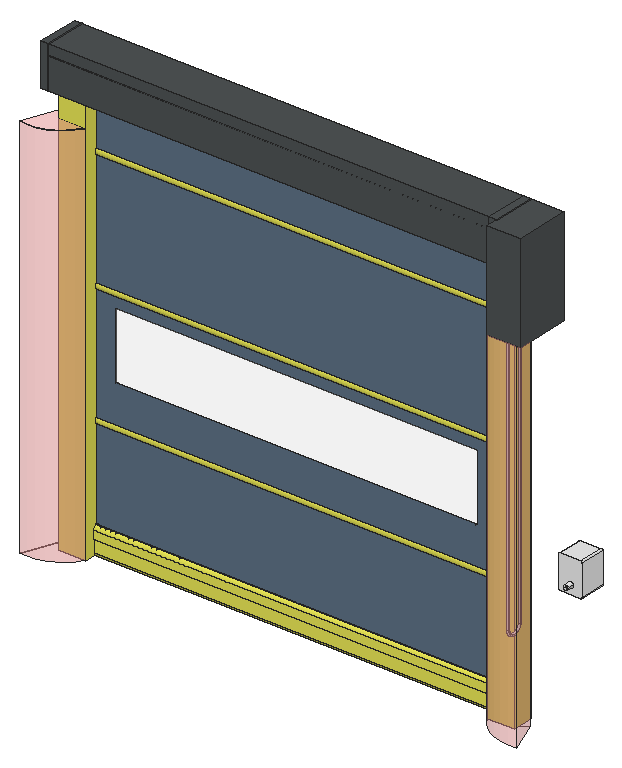
Revit family "Doors_Industrial_Wayne-Dalton_Strutted-Interior-and-Exterior-High-Speed-Fabric-Doors-Model-882-ADV-Xtreme_", category Specialty Equipment, host Wall, Revit 2019
Family settings
  Host = Wall
  Round Connector Dimension = Use Diameter
  Part Type = Normal
  OmniClass Number = 23.30.10.21.34
  OmniClass Title = Industrial Doors
  Always vertical = Yes
  Cut with Voids When Loaded = No
  Shared = No
  Room Calculation Point = No
Parameters (values of type "115 volts, one phase, 60 Hz (110-120V range)")
  Vision Panels [instance] = yes
  True Width [instance] = [Door Width (Real)]  # 120"
  True Height [instance] = [Door Height (Real)] + 6 1/2"  # 126 1/2"
  Three Phase Controller [instance] = not(One Phase Controller)  # no
  Rough Width [instance] = [Door Width (Real)]  # 120"
  Rough Height [instance] = [Door Height (Real)] - 4 1/2"  # 115 1/2"
  Product Page URL = "https://www.wayne-dalton.com/high-speed-interior-strutted-fabric-door-882"
  Powder Coat (Note) = "Standard color for guides and bottom bar is yellow. Approximately 200 optional RAL powder coat colors are also available."  # constant formula
  Panel Material [instance] = PVC - Wayne Dalton - Blue
  One Phase Controller [instance] = if(Number of Poles = 1, 1 = 1, 1 = 2)  # yes
  Motor Cover [instance] = yes
  Hood Type [instance] = if(or(Hood Option < 1, Hood Option = 1), "Standard", "Sloped")  # "Standard"
  Hood Material = Metal - Wayne Dalton - Black
  Headroom Height [instance] = if(or(Hood Option < 1, Hood Option = 1), 23 1/2", if(or(Hood Option > 2, Hood Option = 2), 33 1/2", 33 1/2"))  # 23 1/2"
  Hood Option [instance] = 1
  External Transformer = if(or(Voltage = 208 V, Voltage = 575 V), 1 = 1, 1 = 2)  # no
  Door Width (Real) [instance] = if(Door Width > Max Door Width, Max Door Width, if(Door Width < Min Door Width, Min Door Width, Door Width))  # 120"
  Door Height (Real) [instance] = if(Door Height > Max Door Height, Max Door Height, if(Door Height < Min Door Height, Min Door Height, Door Height))  # 120"
  Voltage = 115 V
  URL = "https://www.wayne-dalton.com/"
  Product data url = "https://www.bimobject.com/wayne-dalton/product/high-speed-interior-strutted-fabric-door-882"
  Product Guid = "1b50f012-311e-44b6-90e5-e309a0e97ea8"
  Power Factor = 1
  Number of Poles = 1
  Model = "882"  # constant formula
  Min Door Width [instance] = 48"  # constant formula
  Min Door Height [instance] = 72"  # constant formula
  Max Door Width [instance] = 192"  # constant formula
  Max Door Height [instance] = 180"  # constant formula
  Manufacturer = "Wayne Dalton"  # constant formula
  Frequency = 60 Hz  # constant formula
  Wall Closure = By host
  Floor To (CL) of Shaft [instance] = [Door Height (Real)] + 6 1/4"  # 126 1/4"
  Connector Description = "Rapidflex Large Control Panel"  # constant formula
  Finish Material = Finish - Wayne Dalton - Yellow
  Door Width [instance] = 120"
  Door Height [instance] = 120"
  Description = "Our Model 882 ADV-Xtreme strutted high speed fabric door is a durable door that's ideal for manufacturing, warehouse and distribution facilities. This high speed door is built to last and features fabric options for interior or exterior applications. Model 882 ADV-Xtreme’s strutted design allows for quick section replacement, while reducing curtain deflection under pressure. This door is capable of withstanding pressure of up to 4.0 psf. It is designed to be low maintenance and includes such features as breakaway impact detection and push button self-repair, along with plug and play wiring."  # constant formula
  Current = 20 A
  Clearance [instance] = yes
  Backroom Depth [instance] = 12 3/4"  # constant formula
  Apparent Load Phase 3 = if(Number of Poles = 1, 0 VA, (Voltage * Current * sqrt(3)) / 3)  # 0 VA
  Apparent Load Phase 2 = if(Number of Poles = 1, 0 VA, (Voltage * Current * sqrt(3)) / 3)  # 0 VA
  Apparent Load Phase 1 = if(Number of Poles = 1, Voltage * Current, (Voltage * Current * sqrt(3)) / 3)  # 2300 VA
Reference planes (in)
  plane 1 "Center (Front/Back)": y = 0
  plane 2 "Center (Left/Right)": x = 0
  plane 3 "Left": x = -60
  plane 4 "Right": x = 60
  plane 5 "Exterior": y = 3.00375
  plane 6 "Interior": y = -2.99625
  plane 7: x = 60
  plane 8: x = -60
  plane 9: z = 115.5
  plane 10 "Main": y = -7.11344
  plane 11: y = -15.74625
  plane 12: y = -2.99625
  plane 13: z = 47.47
  plane 14: y = -5.16813
  plane 15: y = -5.24829
  plane 16 "Main Door Block": y = -5.08796
  plane 17: z = 120
  plane 18: z = 180.1225
Lines and regions (in)
  Opening 1
    outline origin (-90, -2.99625, 0) x (1, 0, 0) y (0, 0, 1)
      loop
        line (30, 0) -> (150, 0) -> (150, 115.5) -> (30, 115.5) -> (30, 0)
Text (in)
  text "Exterior" at (-74.96733, 27.31104, 0), in view "Ref. Level"
  text "Interior" at (-74.96733, -25.14366, 0), in view "Ref. Level"
  text "Exterior" at (0, 40.15149, 123.01588), in view "Right"
  text "Interior" at (0, -64.39139, 123.01588), in view "Right"
  text "Interior" at (0, -31.01599, 123.00693), in view "Left"
  text "Exterior" at (0, 54.57065, 123.00693), in view "Left"
Dimensions and locks (in)
  equal spacing: plane 3 "Left", plane 2 "Center (Left/Right)", plane 4 "Right"
  "Door Width (Real)": plane 3 "Left" to plane 4 "Right"
  level to host wall = 459.59655"
  equal spacing: plane 8, plane 2 "Center (Left/Right)", plane 7
  "Rough Width": plane 7 to plane 8
  "Backroom Depth": plane 6 "Interior" to plane 11
  plane 9 to level = 115 1/2"
  locked: plane 12 to plane 10 "Main" at 4.11719
  plane 1 "Center (Front/Back)" to plane 6 "Interior" = 2.99625"
  locked: plane 14 to plane 6 "Interior" at 2.17187
  locked: plane 15 to plane 16 "Main Door Block" at 0.16033
  equal spacing: plane 15, plane 14, plane 16 "Main Door Block"
  locked: plane 17 to plane 9 at 4.5
  "Door Height (Real)": plane 17 to level
  aligned and locked: Opening 1 sketch curve to level
  aligned and locked: plane 5 "Exterior" to host wall
  aligned and locked: host wall to plane 6 "Interior"
  aligned and locked: plane 8 to Opening 1 sketch curve
  aligned and locked: plane 7 to Opening 1 sketch curve
  aligned and locked: plane 12 to plane 6 "Interior"
  aligned and locked: plane 12 to nested 1
  aligned and locked: nested 1 to plane 2 "Center (Left/Right)"
  aligned and locked: level to nested 1
  aligned and locked: Opening 1 sketch curve to plane 9
  aligned and locked: plane 2 "Center (Left/Right)" to nested 2
  aligned and locked: level to nested 2
Nested families (in)
  nested 1: "Lifts" at (0, -2.99625, 0) x (-1, 0, 0) z (0, 0, 1), Motor Cover <- "Motor Cover", One Phase Controller <- "One Phase Controller", Three Phase Controller <- "Three Phase Controller", Header Option <- "Hood Option", type "Frame Unit"
    with Three Phase Controller no, Standard Motor Housing yes, Standard Headroom Hood yes, Spool Radius 3.45", Sloped Motor Housing no, Sloped Headroom Hood no, Shaft Length 9 1/2", Rod 2 no, Rod 1 no, Right Motor Position yes, One Phase Controller yes, Motor Cover Off no, Motor Cover yes, Masking Region Right Motor Three Phase no, Masking Region Right Motor no, Headroom Offset 0", Header Option 1, Guid Option 1, Floor To CL Shaft 132 3/4", Electric Operator Position 171.88"
  nested 2: "Panel" at (0, -5.08796, 0), type "Panel"
Connectors (in)
  electrical at (85.94194, -10.53625, 47.99806), driven by "Number of Poles", driven by "Voltage", driven by "Apparent Load Phase 1", driven by "Power Factor", driven by "Connector Description", driven by "Apparent Load Phase 2", driven by "Apparent Load Phase 3"
    settings: on nested 1, index 1, voltage 115 V, apparent load 0 VA, apparent load phase1 2300 VA, apparent load phase2 0 VA, apparent load phase3 0 VA, power factor 1, load classification "Other", number of poles 1, system type 31, power factor state 1, is connector primary yes, connector utility no, sub classification motor no, connector description "Rapidflex Large Control Panel"
Definition of nested family "Lifts"
  Parameters (values of type "Frame Unit")
    Three Phase Controller [instance] = no
    Standard Motor Housing [instance] = if(and(Motor Cover, or(Header Option < 1, Header Option = 1)), 1 = 1, 1 = 2)  # no
    Standard Headroom Hood [instance] = if(and(Hood Option, or(Header Option < 1, Header Option = 1)), 1 = 1, 1 = 2)  # no
    Spool Radius [instance] = 3.45"
    Sloped Motor Housing [instance] = if(and(Motor Cover, or(Header Option > 1, Header Option = 2)), 1 = 1, 1 = 2)  # yes
    Sloped Headroom Hood [instance] = if(and(Hood Option, or(Header Option > 1, Header Option = 2)), 1 = 1, 1 = 2)  # yes
    Shaft Material = none
    Shaft Length [instance] = 9 1/2"  # constant formula
    Rod 2 [instance] = if(and(not(Motor Cover), Right Motor Position), 1 = 1, 1 = 2)  # no
    Rod 1 [instance] = no
    Right Motor Position [instance] = yes
    Opening Width = 120"
    One Phase Controller [instance] = yes
    Naked Header = not(Hood Option)  # no
    Motor Cover Off [instance] = not(Motor Cover)  # no
    Motor Cover [instance] = yes
    Masking Region Right Motor Three Phase [instance] = if(and(Right Motor Position, Three Phase Controller), 1 = 1, 1 = 2)  # no
    Masking Region Right Motor [instance] = if(and(Right Motor Position, Motor Cover Off), 1 = 1, 1 = 2)  # no
    Hood Option = yes
    Hood Offset = 0"
    Hood Material = none
    Headroom Offset [instance] = if(or(Header Option < 1, Header Option = 1), 0", if(or(Header Option > 2, Header Option = 2), 10", 10"))  # 10"
    Headroom Height = 23 1/2"
    Header Width = 12 3/4"
    Header Option [instance] = 2
    Header Height = 12 1/2"
    Guid Width = 8"
    Guid Option [instance] = 1
    Floor To CL Shaft [instance] = Opening Height + Headroom Height - 6 1/4" - Headroom Offset  # 122 3/4"
    External Transformer = no
    Electric Operator Position [instance] = if(Right Motor Position, (25.94" * 2 + Opening Width), 0")  # 171.88"
    Clearance = yes
    Opening Height = 115 1/2"
    Finish Material = none
    Bottom Bar = yes
    Analytic Construction = "<None>"
  Reference planes (in)
    plane 1 "Center (Front/Back)": y = 0
    plane 2: z = 0
    plane 3 "Center (Left/Right)": x = 0
    plane 4 "Left": x = -60
    plane 5 "Right": x = 60
    plane 6 "Center Line of Shaft": z = 122.75
    plane 7 "Headroom Top": z = 129
    plane 8 "Opening Height": z = 115.5
    plane 9: x = -77.38
    plane 10 "Shaft": x = -75.54413
    plane 11 "Box": x = -85.94
    plane 12 "EBOX": z = 48
    plane 13: z = 39.09375
    plane 14: z = 56.90625
    plane 15: z = 43.5
    plane 16: y = 7.54
    plane 17: z = 116.5
    plane 18: y = 12.75
    plane 19: x = 69.5
    plane 20: x = 68
    plane 21: x = -68
    plane 22: x = -78.19
    plane 23: x = -93.69
    plane 24: y = 5.75
    plane 25: y = 2.17
    plane 26 "Center L/MM": x = 85.94
    plane 27: z = 53
    plane 28: z = 43
    plane 29: x = -82.44
    plane 30: x = -89.44
    plane 31: y = 7.54
    plane 32 "1": z = 45.56
    plane 33 "Sloped motor LH": x = -71.125
    plane 34 "Sloped motor RH": x = 71.125
    plane 35: z = 139
    plane 36: y = 5.75
  Forms (in)
    Extrusion 1, solid, material <- "Shaft Material"
      sketch origin (0, 0, 0) x (0, 1, 0) y (0, 0, 1)
        loop
          circle (7, 122.75) r 0.78
      from -77.38 to 69.5
    Extrusion 2, solid, visible <- "Three Phase Controller"
      sketch origin (-1.95651, 0, 0) x (1, 0, 0) y (0, 0, 1)
        loop
          line (-76.73349, 56.90625) -> (-91.23349, 56.90625)
          arc (-91.23349, 56.90625) -> (-91.58704, 56.7598) -> (-91.73349, 56.40625) r 0.5
          line (-91.73349, 56.40625) -> (-91.73349, 39.59375)
          arc (-91.73349, 39.59375) -> (-91.58704, 39.2402) -> (-91.23349, 39.09375) r 0.5
          line (-91.23349, 39.09375) -> (-76.73349, 39.09375)
          arc (-76.73349, 39.09375) -> (-76.37993, 39.2402) -> (-76.23349, 39.59375) r 0.5
          line (-76.23349, 39.59375) -> (-76.23349, 56.40625)
          arc (-76.23349, 56.40625) -> (-76.37993, 56.7598) -> (-76.73349, 56.90625) r 0.5
      from -7.54 to 0
    Revolve 3, solid, visible <- "Three Phase Controller"
      sketch origin (-55.03203, -180, 43.5) x (-1, 0, 0) y (0, -1, 0)
        loop
          line (27.54797, -187.54) -> (26.79797, -187.54) -> (26.94797, -189.312) -> (27.54797, -189.312) -> (27.54797, -187.54)
        axis (27.54797, -187.54) -> (27.54797, -189.312)
      angle from 0 to 360
    Extrusion 4, solid, material <- "Finish Material"
      sketch origin (0, 0, 0) x (1, 0, 0) y (0, 1, 0)
        loop
          line (-68, 0) -> (-60, 0) -> (-60, 5.875) -> (-68, 5.875) -> (-68, 0)
        loop
          line (68, 0) -> (68, 5.875) -> (60, 5.875) -> (60, 0) -> (68, 0)
      from 0 to 116.5
    Extrusion 5, solid, material <- "Hood Material", visible <- "Standard Headroom Hood"
      sketch origin (0, 0, 0) x (0, 1, 0) y (0, 0, 1)
        loop
          line (0, 116.5) -> (12.75, 116.5) -> (12.75, 129) -> (0, 129) -> (0, 116.5)
      from -68 to 68
    Sweep 6, solid, material <- "Hood Material"
      path origin (0, 0, 0) x (0, 1, 0) y (0, 0, 1)
        loop
          line (0, 116.5) -> (12.75, 116.5) -> (12.75, 129) -> (0, 129) -> (0, 116.5)
      profile origin (0, 0, 122.75) x (0, -1, 0) y (1, 0, 0)
        loop
          line (0, -68) -> (0, -65.8) -> (-0.5, -65.8) -> (-0.5, -68) -> (0, -68)
        loop
          line (0, 68) -> (-0.5, 68) -> (-0.5, 65.80145) -> (0, 65.80145) -> (0, 68)
    Extrusion 7, solid, material <- "Hood Material"
      sketch origin (0, 0, 0) x (1, 0, 0) y (0, 1, 0)
        loop
          line (68, 0) -> (68, 12.75) -> (67.495, 12.75) -> (67.495, 0) -> (68, 0)
        loop
          line (-68, 0) -> (-67.495, 0) -> (-67.495, 12.75) -> (-68, 12.75) -> (-68, 0)
      from 116.5 to 129
    Extrusion 8, solid, material <- "Hood Material"
      sketch origin (-60, -60, 48) x (0, -1, 0) y (0, 0, 1)
        loop
          circle (-67, 74.75) r 3.45
      from 7.24519 to 6.06954
    Extrusion 9, solid, visible <- "External Transformer"
      sketch origin (0, 0, 48) x (1, 0, 0) y (0, 1, 0)
        loop
          line (-92.815, 0) -> (-79.065, 0) -> (-79.065, 0.125) -> (-81.44, 0.125) -> (-81.44, 9.3125) -> (-90.44, 9.3125) -> (-90.44, 0.125) -> (-92.815, 0.125) -> (-92.815, 0)
      from -19.13 to -10
    Extrusion 10, solid, visible <- "Clearance"
      sketch origin (0, 0, 0) x (1, 0, 0) y (0, 1, 0)
        loop
          arc (-60, 5.875) -> (-65.91034, 11.69038) -> (-74.13396, 12.75) r 13
          line (-74.13396, 12.75) -> (-70.27747, 2.98386) -> (-68, 4.29876) -> (-68, 5.875) -> (-60, 5.875)
        loop
          line (60, 5.875) -> (68, 5.875) -> (68, 4.29876) -> (70.27747, 2.98386) -> (74.13396, 12.75)
          arc (74.13396, 12.75) -> (65.91034, 11.69038) -> (60, 5.875) r 13
      from 0 to 115.5
    Extrusion 11, solid, material <- "Finish Material"
      sketch origin (0, 0, 0) x (0, 1, 0) y (0, 0, 1)
        loop
          arc (3.17, 7.16) -> (2.93566, 7.83524) -> (2.33339, 8.22014) r 1.09
          arc (2.33339, 8.22014) -> (2.26394, 8.20625) -> (2.22831, 8.14505) r 0.08624
          arc (2.22831, 8.14505) -> (2.17, 7.81318) -> (2.11169, 8.14505) r 0.17106
          arc (2.11169, 8.14505) -> (2.07606, 8.20625) -> (2.00661, 8.22014) r 0.08624
          arc (2.00661, 8.22014) -> (1.40434, 7.83524) -> (1.17, 7.16) r 1.09
          line (1.17, 7.16) -> (1.17, 4.64381) -> (1.48036, 4.64381) -> (1.48036, 0.69)
          arc (1.48036, 0.69) -> (1.68233, 0.20222) -> (2.17, 0) r 0.69
          arc (2.17, 0) -> (2.65767, 0.20222) -> (2.85964, 0.69) r 0.69
          line (2.85964, 0.69) -> (2.85964, 4.64381) -> (3.17, 4.64381) -> (3.17, 7.16)
      from -60 to 60
    Extrusion 12, solid, visible <- "One Phase Controller"
      sketch origin (0, 0, 0) x (1, 0, 0) y (0, 0, 1)
        loop
          line (-82.85553, 53) -> (-89.04, 53)
          arc (-89.04, 53) -> (-89.32284, 52.88284) -> (-89.44, 52.6) r 0.4
          line (-89.44, 52.6) -> (-89.44, 43.4)
          arc (-89.44, 43.4) -> (-89.32284, 43.11716) -> (-89.04, 43) r 0.4
          line (-89.04, 43) -> (-82.84, 43)
          arc (-82.84, 43) -> (-82.55716, 43.11716) -> (-82.44, 43.4) r 0.4
          line (-82.44, 43.4) -> (-82.44, 52.58447)
          arc (-82.44, 52.58447) -> (-82.56171, 52.87829) -> (-82.85553, 53) r 0.41553
      from -7.54 to 0
    Revolve 13, solid, visible <- "One Phase Controller"
      sketch origin (0, 0, 45.56) x (-1, 0, 0) y (0, -1, 0)
        loop
          line (85.94, -9.3125) -> (85.94, -7.54) -> (85.19, -7.54) -> (85.34, -9.3125) -> (85.94, -9.3125)
        axis (85.94, -9.3125) -> (85.94, -7.54)
      angle from 0 to 360
    Extrusion 14, solid, material <- "Hood Material", visible <- "Sloped Headroom Hood"
      sketch origin (0, 0, 0) x (0, 1, 0) y (0, 0, 1)
        loop
          line (12.75, 116.5) -> (12.75, 130.5) -> (0, 139) -> (0, 116.5) -> (12.75, 116.5)
        loop
          line (12.25, 128.5) -> (0.5, 128.5) -> (0.5, 117) -> (12.25, 117) -> (12.25, 128.5)
      from -68 to 68
    Extrusion 15, solid, material <- "Hood Material"
      sketch origin (60, -60, 48) x (0, -1, 0) y (0, 0, -1)
        loop
          circle (-67, -74.75) r 3.45
      from 7.24519 to 6.06954
  Cuts and joins
    joined: Sweep 6, Extrusion 7
  Lines and regions (in)
    Masking region 1, visible <- "Three Phase Controller"
      outline origin (0, 0, 0) x (1, 0, 0) y (0, 1, 0)
        loop
          line (-93.69, 0) -> (-78.19, 0) -> (-78.19, 7.54) -> (-93.69, 7.54) -> (-93.69, 0)
    Masking region 2, visible <- "Masking Region Right Motor Three Phase"
      outline origin (0, 0, 0) x (1, 0, 0) y (0, 1, 0)
        loop
          line (-81.83, 7.54) -> (-81.98, 9.312) -> (-83.18, 9.312) -> (-83.33, 7.54) -> (-81.83, 7.54)
    Masking region 3, visible <- "External Transformer"
      outline origin (0, 0, 0) x (1, 0, 0) y (0, 1, 0)
        loop
          line (-90.44, 7.54) -> (-81.44, 7.54) -> (-81.44, 9.3125) -> (-90.44, 9.3125) -> (-90.44, 7.54)
    Masking region 4, not visible
      outline origin (-205.49871, -1.25, 0) x (0, 1, 0) y (-1, 0, 0)
        loop
          line (8.79, -115.44871) -> (8.79, -116.94871) -> (10.562, -116.79871) -> (10.562, -115.59871) -> (8.79, -115.44871)
    Masking region 5, visible <- "Hood Option"
      outline origin (0, 0, 0) x (1, 0, 0) y (0, 1, 0)
        loop
          line (-68, 12.75) -> (-68, 0) -> (68, 0) -> (68, 12.75) -> (-68, 12.75)
    Masking region 6, visible <- "One Phase Controller"
      outline origin (0, 0, 0) x (1, 0, 0) y (0, 1, 0)
        loop
          line (-89.44, 7.54) -> (-89.44, 0) -> (-82.4403, 0) -> (-82.4403, 7.54) -> (-89.44, 7.54)
    Masking region 7, visible <- "One Phase Controller"
      outline origin (0, 0, 0) x (1, 0, 0) y (0, 1, 0)
        loop
          line (-86.54, 9.3125) -> (-86.69, 7.54) -> (-85.19, 7.54) -> (-85.34, 9.3125) -> (-86.54, 9.3125)
    Masking region 8, visible <- "Right Motor Position"
      outline origin (0, 0, 0) x (1, 0, 0) y (0, 1, 0)
        loop
          line (68, 7.78111) -> (68, 6.22) -> (69.5, 6.22) -> (69.5, 7.78111) -> (68, 7.78111)
    Masking region 9, visible <- "Rod 2"
      outline origin (0, 0, 0) x (0, 1, 0) y (-1, 0, 0)
        loop
          line (7.78, 77.38) -> (6.22, 77.38) -> (6.22, 76.21573) -> (6.39969, 76.21573) -> (6.39969, 75.69641) -> (7.78, 75.69641) -> (7.78, 77.38)
        loop
          line (7.78, 68) -> (7.78, 69.92969) -> (6.90611, 69.92969) -> (6.90611, 71.16016) -> (7.78, 71.16016) -> (7.78, 71.76) -> (6.39578, 71.76) -> (6.39578, 71.22875) -> (6.22, 71.22875) -> (6.22, 68) -> (7.78, 68)
    symbolic lines, not visible
      curve 1: line (-65.8, 7.78111, 0) -> (-65.8, 6.21995, 0)
      curve 2: line (65.80145, 7.78111, 0) -> (65.80145, 5.875, 0)
      curve 3: line (60, 1.09992, 0) -> (60, 0, 0)
    symbolic lines
      curve 4: line (-65.8, 12.75, 0) -> (-65.8, 0, 0)
      curve 5: line (65.80145, 12.75, 0) -> (65.80145, 0, 0)
  Dimensions and locks (in)
    equal spacing: plane 4 "Left", plane 3 "Center (Left/Right)", plane 5 "Right"
    "Opening Width": plane 4 "Left" to plane 5 "Right"
    "Header Height": plane 7 "Headroom Top" to plane 17
    "Opening Height": plane 8 "Opening Height" to level
    locked: level to plane 12 "EBOX" at 48
    locked: plane 11 "Box" to Revolve 3 sketch curve at 3.36
    equal spacing: plane 14, plane 12 "EBOX", plane 13
    locked: plane 12 "EBOX" to plane 15 at 4.5
    locked: plane 13 to plane 14 at 17.8125
    locked: plane 10 "Shaft" to plane 4 "Left" at 15.54413
    plane 11 "Box" to plane 10 "Shaft" = 10.39587"
    locked: plane 16 to plane 1 "Center (Front/Back)" at 7.54
    locked: Revolve 3 sketch curve to Revolve 3 sketch curve at 0.6
    locked: Revolve 3 sketch curve to Revolve 3 sketch curve at 0.75
    locked: plane 16 to Revolve 3 sketch curve at 1.772
    "Guid Width": Extrusion 4 sketch curve to plane 4 "Left"
    locked: plane 1 "Center (Front/Back)" to Extrusion 4 sketch curve at 5.875
    "Header Width": plane 1 "Center (Front/Back)" to Extrusion 5 sketch curve
    Extrusion 5 to plane 4 "Left" = 8"
    plane 5 "Right" to Extrusion 5 = 8"
    "Header Width": plane 1 "Center (Front/Back)" to Sweep 6 sketch curve
    "Header Width": plane 1 "Center (Front/Back)" to Extrusion 7 sketch curve  (x2)
    "Header Width": plane 1 "Center (Front/Back)" to plane 18
    plane 21 to nested 1 = 5.729"
    "Guid Width": plane 4 "Left" to plane 21
    "Guid Width": plane 5 "Right" to plane 20
    locked: Extrusion 7 sketch curve to plane 20 at 0.505
    locked: plane 21 to Extrusion 7 sketch curve at 0.505
    locked: plane 11 "Box" to plane 23 at 7.75
    locked: plane 22 to plane 11 "Box" at 7.75
    locked: plane 1 "Center (Front/Back)" to Extrusion 9 sketch curve at 0.125
    locked: plane 11 "Box" to Extrusion 9 sketch curve at 4.5
    locked: Extrusion 9 sketch curve to plane 11 "Box" at 4.5
    locked: Extrusion 9 sketch curve to plane 11 "Box" at 6.875
    locked: plane 11 "Box" to Extrusion 9 sketch curve at 6.875
    plane 1 "Center (Front/Back)" to Extrusion 9 sketch curve = 9 5/16"
    locked: plane 18 to Extrusion 8 sketch curve at 5.75
    locked: plane 18 to Extrusion 1 sketch curve at 5.75
    locked: Extrusion 4 sketch curve to Extrusion 4 sketch curve at 5.875
    "Guid Width": Extrusion 4 sketch curve to Extrusion 4 sketch curve
    plane 20 to plane 21 = 136"
    locked: cut or joined group of Sweep 6, Extrusion 7 to Sweep 6 sketch curve at 0.5
    locked: plane 1 "Center (Front/Back)" to plane 25 at 2.17
    "Electric Operator Position": plane 11 "Box" to plane 26 "Center L/MM"
    equal spacing: Masking region 1 sketch curve, plane 11 "Box", Masking region 1 sketch curve
    locked: Masking region 1 sketch curve to Masking region 1 sketch curve at 15.5
    "Floor To CL Shaft": plane 6 "Center Line of Shaft" to plane 2
    plane 8 "Opening Height" to level = 115 1/2"
    equal spacing: plane 28, plane 12 "EBOX", plane 27
    locked: plane 28 to plane 27 at 10
    locked: plane 1 "Center (Front/Back)" to plane 31 at 7.54
    locked: plane 31 to Revolve 13 sketch curve at 1.7725
    locked: plane 12 "EBOX" to plane 32 "1" at 2.44
    locked: plane 11 "Box" to Revolve 13 sketch curve at 0.75
    locked: plane 11 "Box" to Revolve 13 sketch curve at 0.6
    locked: Extrusion 11 sketch curve to Extrusion 11 sketch curve at 2
    equal spacing: Extrusion 11 sketch curve, plane 25, Extrusion 11 sketch curve  (x2)
    locked: Extrusion 11 sketch curve to plane 2 at 8.22233
    locked: Extrusion 11 sketch curve to Extrusion 11 sketch curve at 1.37927
    locked: Extrusion 11 sketch curve to plane 2 at 4.64381
    locked: Extrusion 11 sketch curve to plane 2 at 7.98424
    equal spacing: plane 34 "Sloped motor RH", plane 3 "Center (Left/Right)", plane 33 "Sloped motor LH"
    locked: plane 4 "Left" to plane 33 "Sloped motor LH" at 11.125
    "Shaft Length": plane 5 "Right" to plane 19
    locked: plane 9 to plane 4 "Left" at 17.38
    "Headroom Offset": plane 35 to plane 7 "Headroom Top"
    "Headroom Height": plane 35 to plane 8 "Opening Height"
    locked: plane 29 to plane 11 "Box" at 3.5
    locked: plane 11 "Box" to plane 30 at 3.5
    locked: plane 20 to plane 26 "Center L/MM" at 17.94
    plane 5 "Right" to plane 26 "Center L/MM" = 25.94"
    locked: plane 1 "Center (Front/Back)" to Extrusion 10 sketch curve at 13  (x2)
    locked: plane 21 to Sweep 6 sketch curve at 2.2
    locked: Sweep 6 sketch curve to plane 20 at 2.19855
    locked: Extrusion 15 to plane 20 at 0.75481
    locked: plane 21 to Extrusion 8 at 0.75481
    locked: Extrusion 8 to Extrusion 8 at 1.17565
    locked: Extrusion 15 to Extrusion 15 at 1.17565
    locked: Extrusion 1 to Masking region 9 sketch curve at 1.68359
    locked: Masking region 9 sketch curve to Masking region 9 sketch curve at 1.38031
    locked: Extrusion 1 to Masking region 9 sketch curve at 1.16427
    locked: Masking region 9 sketch curve to plane 21 at 1.92969
    locked: Masking region 9 sketch curve to Masking region 9 sketch curve at 1.23047
    locked: Masking region 9 sketch curve to Masking region 9 sketch curve at 0.59984
    plane 17 to plane 8 "Opening Height" = 1"
    locked: Extrusion 14 sketch curve to Extrusion 14 sketch curve at 0.5  (x3)
    locked: Extrusion 14 sketch curve to Extrusion 14 sketch curve at 11.5
    locked: Extrusion 14 sketch curve to Extrusion 14 sketch curve at 22.5
    locked: Extrusion 1 sketch curve to Extrusion 1 sketch curve (radius 0.78")
    "Spool Radius": radius of Extrusion 8 sketch curve
    "Spool Radius": radius of Extrusion 15 sketch curve
    radius of Extrusion 10 sketch curve = 13"  (x2)
    locked: Revolve 3 to Masking region 2 sketch curve (angle 85.1614°)
    locked: Masking region 2 sketch curve to Revolve 3 (angle 85.1614°)
    locked: Masking region 7 sketch curve to Revolve 13 (angle 85.1628°)
    locked: Revolve 13 to Masking region 7 sketch curve (angle 85.1628°)
    locked: Extrusion 2 to Masking region 4 sketch curve (angle 85.1614°)
    locked: Masking region 4 sketch curve to Extrusion 2 (angle 85.1614°)
    locked: Extrusion 14 sketch curve to Extrusion 14 sketch curve (angle 56.3099°)
    aligned and locked: plane 2 to level
    aligned and locked: plane 9 to Extrusion 1
    aligned and locked: Extrusion 2 to plane 1 "Center (Front/Back)"
    aligned and locked: Extrusion 2 sketch curve to plane 13
    aligned and locked: plane 14 to Extrusion 2 sketch curve
    aligned and locked: Revolve 3 sketch curve to Revolve 3 sketch curve
    aligned and locked: plane 16 to Revolve 3 sketch curve
    aligned and locked: plane 1 "Center (Front/Back)" to Extrusion 5 sketch curve
    aligned and locked: Extrusion 5 sketch curve to plane 7 "Headroom Top"
    aligned and locked: Extrusion 5 to plane 17
    aligned and locked: plane 17 to Extrusion 5 sketch curve
    aligned and locked: plane 17 to Extrusion 4
    aligned and locked: plane 1 "Center (Front/Back)" to Sweep 6 sketch curve
    aligned and locked: Sweep 6 sketch curve to plane 7 "Headroom Top"
    aligned and locked: Sweep 6 sketch curve to plane 17
    aligned and locked: profile plane to Sweep 6 sketch curve
    aligned and locked: Extrusion 7 sketch curve to plane 1 "Center (Front/Back)"  (x2)
    aligned and locked: plane 7 "Headroom Top" to Extrusion 7
    aligned and locked: Extrusion 7 to plane 17
    aligned and locked: Masking region 2 sketch curve to Revolve 3  (x2)
    aligned and locked: Extrusion 1 to plane 19
    aligned and locked: Extrusion 7 sketch curve to plane 21
    aligned and locked: Extrusion 7 sketch curve to plane 20
    aligned and locked: plane 22 to Extrusion 2 sketch curve
    aligned and locked: plane 23 to Extrusion 2 sketch curve
    aligned and locked: Extrusion 9 sketch curve to plane 1 "Center (Front/Back)"
    aligned and locked: Extrusion 9 sketch curve to Extrusion 9 sketch curve
    aligned and locked: Masking region 3 sketch curve to Extrusion 9  (x2)
    aligned and locked: Extrusion 9 to Masking region 3 sketch curve
    aligned and locked: plane 6 "Center Line of Shaft" to Extrusion 8 sketch curve
    aligned and locked: plane 6 "Center Line of Shaft" to Extrusion 1 sketch curve
    aligned and locked: Extrusion 4 sketch curve to plane 1 "Center (Front/Back)"  (x2)
    aligned and locked: plane 20 to Extrusion 4 sketch curve
    aligned and locked: Extrusion 10 to level
    aligned and locked: cut or joined group of Sweep 6, Extrusion 7 to plane 21
    aligned and locked: cut or joined group of Sweep 6, Extrusion 7 to plane 18  (x2)
    aligned and locked: cut or joined group of Sweep 6, Extrusion 7 to plane 1 "Center (Front/Back)"  (x2)
    aligned and locked: plane 1 "Center (Front/Back)" to cut or joined group of Sweep 6, Extrusion 7
    aligned and locked: plane 20 to cut or joined group of Sweep 6, Extrusion 7
    aligned and locked: Sweep 6 sketch curve to cut or joined group of Sweep 6, Extrusion 7
    aligned and locked: Extrusion 5 to plane 21
    aligned and locked: plane 20 to Extrusion 5
    aligned and locked: plane 7 "Headroom Top" to nested 1
    aligned and locked: plane 8 "Opening Height" to Extrusion 10
    aligned and locked: nested 1 to plane 21
    aligned and locked: Extrusion 11 to plane 5 "Right"
    aligned and locked: plane 4 "Left" to Extrusion 11
    aligned and locked: plane 18 to Masking region 5 sketch curve
    aligned and locked: Masking region 5 sketch curve to plane 1 "Center (Front/Back)"
    aligned and locked: Masking region 5 sketch curve to plane 21
    aligned and locked: Masking region 5 sketch curve to plane 20
    aligned and locked: cut or joined group of Sweep 6, Extrusion 7 to curve 2
    aligned and locked: curve 1 to cut or joined group of Sweep 6, Extrusion 7
    aligned and locked: plane 27 to Extrusion 12 sketch curve
    aligned and locked: Extrusion 12 sketch curve to plane 28
    aligned and locked: Extrusion 12 sketch curve to plane 29
    aligned and locked: plane 1 "Center (Front/Back)" to Extrusion 12
    aligned and locked: Revolve 13 sketch curve to Revolve 13 sketch curve
    aligned and locked: Revolve 13 sketch curve to plane 31
    aligned and locked: Masking region 7 sketch curve to Revolve 13
    aligned and locked: Masking region 3 to Masking region 7 sketch curve
    aligned and locked: Extrusion 11 sketch curve to Extrusion 11 sketch curve
    aligned and locked: plane 25 to Extrusion 11 sketch curve
    aligned and locked: plane 20 to Extrusion 14
    aligned and locked: Extrusion 14 to plane 21
    aligned and locked: Extrusion 14 sketch curve to plane 17
    aligned and locked: Extrusion 10 sketch curve to Extrusion 4  (x2)
    aligned and locked: plane 21 to Sweep 6 sketch curve
    aligned and locked: Sweep 6 sketch curve to Sweep 6 sketch curve
    aligned and locked: plane 6 "Center Line of Shaft" to Extrusion 15 sketch curve
    aligned and locked: curve 2 to Masking region 8 sketch curve
    aligned and locked: plane 19 to Masking region 8 sketch curve  (x2)
    aligned and locked: plane 20 to Masking region 8 sketch curve  (x2)
    aligned and locked: plane 1 "Center (Front/Back)" to nested 1
    aligned and locked: Extrusion 10 sketch curve to plane 21
    aligned and locked: plane 21 to Extrusion 10 sketch curve
    aligned and locked: Extrusion 10 sketch curve to plane 20
    aligned and locked: plane 20 to Extrusion 10 sketch curve
    aligned and locked: plane 5 "Right" to Extrusion 10 sketch curve
    aligned and locked: plane 4 "Left" to Extrusion 10 sketch curve
    aligned and locked: plane 9 to Masking region 9 sketch curve
    aligned and locked: Masking region 9 sketch curve to plane 21
    aligned and locked: Masking region 4 sketch curve to Extrusion 2
    aligned and locked: Masking region 1 to Extrusion 2
    aligned and locked: Extrusion 2 to Masking region 6
    aligned and locked: Extrusion 14 sketch curve to cut or joined group of Sweep 6, Extrusion 7  (x2)
    aligned and locked: plane 18 to curve 5
    aligned and locked: plane 1 "Center (Front/Back)" to curve 5
  Automatic sketch dimensions
    Extrusion 2 sketch curve to Extrusion 2 sketch curve = 1/2"
    Extrusion 2 sketch curve to plane 14 = 1/2"
    Extrusion 2 sketch curve to plane 22 = 1/2"  (x2)
    Revolve 3 sketch curve to plane 18 = 7.38505"
    Revolve 3 sketch curve to plane 25 = 0.90036"
    Sweep 6 sketch curve to Sweep 6 sketch curve = 2.19855"
    Masking region 1 sketch curve to plane 1 "Center (Front/Back)" = 0"
    plane 18 to Masking region 1 sketch curve = 5.21"
    plane 11 "Box" to Masking region 2 sketch curve = 2.61"
    Masking region 2 sketch curve to Masking region 2 sketch curve = 1.2"
    Masking region 3 sketch curve to Masking region 3 sketch curve = 1.7725"
    plane 18 to Extrusion 10 sketch curve = 0"  (x2)
    plane 33 "Sloped motor LH" to Extrusion 10 sketch curve = 0.84753"
    Extrusion 10 sketch curve to plane 34 "Sloped motor RH" = 0.84753"
    Extrusion 10 sketch curve to plane 25 = 0.81386"  (x2)
    Extrusion 10 sketch curve to Extrusion 10 sketch curve = 1.57624"  (x2)
    Extrusion 11 sketch curve to plane 25 = 0"
    plane 25 to Extrusion 11 sketch curve = 0.14408"
    plane 25 to Extrusion 11 sketch curve = 0.09"
    plane 25 to Extrusion 11 sketch curve = 0.00036"
    Extrusion 11 sketch curve to plane 25 = 0.00036"
    Extrusion 11 sketch curve to plane 25 = 0.09"
    Extrusion 11 sketch curve to plane 25 = 0.14408"
    level to Extrusion 11 sketch curve = 0.69"
    Extrusion 11 sketch curve to Extrusion 11 sketch curve = 211/256"
    Extrusion 11 sketch curve to Extrusion 11 sketch curve = 0"
    Extrusion 11 sketch curve to Extrusion 11 sketch curve = 0.15185"  (x2)
    plane 25 to Extrusion 11 sketch curve = 0.05831"
    Extrusion 11 sketch curve to Extrusion 11 sketch curve = 0.08577"
    Masking region 4 sketch curve to plane 11 "Box" = 2.61"
    Masking region 4 sketch curve to Masking region 4 sketch curve = 0.15"
    Masking region 4 sketch curve to Masking region 4 sketch curve = 1.2"
    Extrusion 12 sketch curve to plane 30 = 0"
    Extrusion 12 sketch curve to plane 27 = 0.4"
    Extrusion 12 sketch curve to plane 15 = 0.1"  (x2)
    Extrusion 12 sketch curve to plane 27 = 0.41553"
    Revolve 13 sketch curve to plane 11 "Box" = 0"
    Revolve 13 sketch curve to plane 31 = 0"
    Revolve 13 sketch curve to Revolve 13 sketch curve = 0"
    Masking region 6 sketch curve to plane 1 "Center (Front/Back)" = 0"
    Masking region 6 sketch curve to plane 11 "Box" = 3 1/2"
    plane 11 "Box" to Masking region 6 sketch curve = 3.4997"
    plane 18 to Masking region 6 sketch curve = 5.21"
    Masking region 7 sketch curve to plane 11 "Box" = 3/4"
    plane 11 "Box" to Masking region 7 sketch curve = 0.6"
    Extrusion 15 sketch curve to plane 36 = 1 1/4"
    Masking region 8 sketch curve to Masking region 8 sketch curve = 1.56111"
    Masking region 9 sketch curve to plane 33 "Sloped motor LH" = 0.10375"
    Masking region 9 sketch curve to Masking region 9 sketch curve = 45/256"
    Masking region 9 sketch curve to Masking region 9 sketch curve = 23/128"
    Masking region 9 sketch curve to Masking region 9 sketch curve = 0.51032"
    curve 4 to plane 1 "Center (Front/Back)" = 0"
    plane 18 to curve 4 = 0"
    curve 3 to plane 5 "Right" = 0"
    plane 1 "Center (Front/Back)" to curve 3 = 0"
    plane 21 to curve 4 = 2.2"
    curve 5 to plane 20 = 2.19855"
    plane 25 to curve 3 = 1.07008"
    curve 2 to plane 25 = 3.705"
    curve 1 to plane 25 = 4.04995"
    curve 1 to curve 1 = 1.56115"
    curve 2 to curve 2 = 1.90611"
    Masking region 9 sketch curve to plane 25 = 4.05"  (x2)
    Masking region 9 sketch curve to Masking region 9 sketch curve = 0.87389"  (x2)
    Extrusion 4 sketch curve to plane 4 "Left" = 0"
  Nested families (in)
    nested 1: "General Motor" at (-73.729, 1.5, 122.699), visible <- "Right Motor Position", Motor Cover <- "Motor Cover", Standard Motor Hausing <- "Standard Motor Housing", Sloped Motor Housing <- "Sloped Motor Housing", type "Family2"
      with Standard Motor Hausing no, Sloped Motor Housing yes, Motor Cover Off no, Motor Cover yes
  Definition of nested family "General Motor"
    Parameters (values of type "Family2")
      Standard Motor Hausing [instance] = yes
      Sloped Motor Housing [instance] = yes
      Shaft Material = none
      Opening Height = 115 1/2"
      Motor Cover Off [instance] = not(Motor Cover)  # no
      Motor Cover [instance] = yes
      Hood Material = none
      Floor To Cl Shaft = 122 3/4"
      Finish Material = none
      Default Elevation = 48"
      Chain Length = CL of Shaft - 48" - 19.31"  # 55.44"
      CL of Shaft = 122 3/4"
      Amount of Panels = 5
    Reference planes (in)
      plane 1 "Center (Front/Back)": y = 0
      plane 2: z = 0
      plane 3 "Center (Left/Right)": x = 0
      plane 4: z = 5.335
      plane 5: z = -18.546
      plane 6: z = -17.165
      plane 7: z = -19.311
      plane 8: z = -92.75
      plane 9: x = 5.729
      plane 10: z = -5.199
      plane 11: x = -4.271
      plane 12: z = -122.75
    Forms (in)
      Revolve 1, solid, material <- "Shaft Material"
        sketch origin (0, 0, -153.29) x (0, 0, -1) y (0, -1, 0)
          loop
            line (-158.625, -8.066) -> (-134.744, -8.066) -> (-134.744, -6.99312) -> (-136.091, -6.365) -> (-138.289, -6.365) -> (-138.289, -5.714) -> (-140.769, -5.586) -> (-142.108, -5.519) -> (-146.951, -5.519) -> (-148.093, -5.704) -> (-148.349, -5.704) -> (-156.66, -5.468) -> (-158.625, -5.468) -> (-158.625, -8.066)
          axis (-134.744, -8.066) -> (-158.625, -8.066)
        angle from 0 to 360
      Extrusion 2, solid, material <- "Shaft Material"
        sketch origin (0, 0, -153.29) x (0, 0, -1) y (0, -1, 0)
          loop
            line (-142.108, -13.875) -> (-142.108, -7.875) -> (-146.951, -7.875) -> (-146.951, -13.875) -> (-142.108, -13.875)
        from -2.5 to 2.5
      Extrusion 3, solid, material <- "Shaft Material"
        sketch origin (51.311, 0, 0) x (-1, 0, 0) y (0, -1, 0)
          loop
            line (45.582, -1.755) -> (45.582, -3.496) -> (45.832, -3.496) -> (45.832, -1.82199) -> (46.73959, -0.25) -> (52.45925, -0.25) -> (52.45925, 0) -> (46.59525, 0) -> (45.582, -1.755)
        from -4.56 to 4.56
      Extrusion 4, void
        sketch origin (51.311, 0, -153.29) x (1, 0, 0) y (0, 0, 1)
          loop
            line (-48.772, 148.73) -> (-52.45925, 148.73) -> (-52.45925, 149.98) -> (-50.72525, 149.98) -> (-50.72525, 156.6) -> (-52.45925, 156.6) -> (-52.45925, 157.85) -> (-48.772, 157.85) -> (-45.582, 157.0155) -> (-45.582, 159.2655) -> (-55.082, 159.2655) -> (-55.082, 147.3145) -> (-45.582, 147.3145) -> (-45.582, 149.5645) -> (-48.772, 148.73)
        from -15.80227 to 5
      Extrusion 5, solid, material <- "Shaft Material"
        sketch origin (0, 0, -153.29) x (0, 0, -1) y (0, -1, 0)
          loop
            line (-143.525, -4.641) -> (-143.525, -1.441) -> (-148.515, -1.18157) -> (-148.84, -1.18157) -> (-148.84, -1.57157) -> (-150.11271, -1.57157) -> (-150.11271, -4.51043) -> (-148.84, -4.51043) -> (-148.84, -4.90043) -> (-148.515, -4.90043) -> (-143.525, -4.641)
        from -2.5 to 2.5
      Extrusion 6, void
        sketch origin (51.311, 0, -153.29) x (1, 0, 0) y (0, 0, 1)
          loop
            line (-48.811, 148.515) -> (-49.24757, 143.525) -> (-53.37443, 143.525) -> (-53.811, 148.515) -> (-55.811, 148.515) -> (-55.811, 142.515) -> (-46.811, 142.515) -> (-46.811, 148.515) -> (-48.811, 148.515)
        from -4.90043 to -1.18157
      Extrusion 7, solid, material <- "Shaft Material"
        sketch origin (0, 0, -153.29) x (0, 0, -1) y (0, -1, 0)
          loop
            line (-149.944, -0.25) -> (-156.636, -0.25) -> (-156.636, -9.069) -> (-149.944, -9.069) -> (-149.944, -0.25)
        from -1.97 to 1.97
      Extrusion 8, solid, material <- "Shaft Material"
        sketch origin (6.36891, 0, -153.29) x (0, 0, -1) y (0, -1, 0)
          loop
            line (-133.979, -10.6) -> (-133.979, -5.4) -> (-136.125, -5.4)
            arc (-136.125, -5.4) -> (-138.725, -8) -> (-136.125, -10.6) r 2.6
            line (-136.125, -10.6) -> (-133.979, -10.6)
        from 2.565 to 3.79891
      Extrusion 9, solid, material <- "Shaft Material"
        sketch origin (0, 0, -153.29) x (0, 0, -1) y (0, -1, 0)
          loop
            circle (-136.09491, -8.066) r 1.34
        from -2.57 to 2.565
      Sweep 10, solid, material <- "Shaft Material"
        path origin (6.36891, 0, -153.29) x (0, 0, -1) y (0, -1, 0)
          loop
            line (-133.979, -10.4375) -> (-60.54, -10.4375)
            arc (-60.54, -10.4375) -> (-58.1025, -8) -> (-60.54, -5.5625) r 2.4375
            line (-60.54, -5.5625) -> (-133.979, -5.5625)
        profile origin (6.36891, 10.4375, -56.0305) x (-1, 0, 0) y (0, -1, 0)
          loop
            circle (3.18196, 0.2675) r 0.2675
      Extrusion 11, solid, material <- "Hood Material", visible <- "Standard Motor Hausing"
        sketch origin (5.729, 1.755, 48.5) x (0, -1, 0) y (0, 0, 1)
          loop
            line (-13.12, -42.199) -> (-13.12, -71.199) -> (3.255, -71.199) -> (3.255, -42.199) -> (-13.12, -42.199)
        from 10 to 0
      Extrusion 12, void
        sketch origin (5.729, 1.755, 48) x (0, -1, 0) y (0, 0, 1)
          loop
            line (-2.645, -65.432) -> (-2.645, -44.63) -> (-9.977, -44.63) -> (-9.977, -65.432) -> (-2.645, -65.432)
        from 1.92509 to 8.35492
      Extrusion 13, solid, material <- "Hood Material", visible <- "Sloped Motor Housing"
        sketch origin (0, 0, 0.5) x (0, 1, 0) y (0, 0, 1)
          loop
            line (16, -23.40511) -> (16, 4.13436) -> (-1.5, 15.801) -> (-1.5, -20.199) -> (16, -23.40511)
        from -4.271 to 5.729
    Cuts and joins
      Extrusion 4 cuts Extrusion 3
      Extrusion 6 cuts Extrusion 5
      Extrusion 12 cuts Extrusion 11
    Lines and regions (in)
      Masking region 1, visible <- "Motor Cover Off"
        outline origin (0, 0, 0) x (1, 0, 0) y (0, 1, 0)
          loop
            line (-2.5, 13.875) -> (-2.5, 9.406) -> (-2.565, 9.406) -> (-2.565, 6.726) -> (-2.22576, 6.726)
            arc (-2.22576, 6.726) -> (-2.10532, 6.54376) -> (-1.97, 6.37228) r 2.598
            line (-1.97, 6.37228) -> (-1.97, 4.90043) -> (-2.5, 4.90043) -> (-2.5, 1.18157) -> (-1.97, 1.18157) -> (-1.97, 0.25881) -> (1.97, 0.25881) -> (1.97, 1.18157) -> (2.5, 1.18157) -> (2.5, 4.90043) -> (1.97, 4.90043) -> (1.97, 6.37228)
            arc (1.97, 6.37228) -> (2.10532, 6.54376) -> (2.22576, 6.726) r 2.598
            line (2.22576, 6.726) -> (2.565, 6.726) -> (2.565, 5.4) -> (3.79891, 5.4) -> (3.79891, 10.6) -> (2.565, 10.6) -> (2.565, 9.406) -> (2.5, 9.406) -> (2.5, 13.875) -> (-2.5, 13.875)
          loop
            line (5.479, 3.496) -> (5.479, 1.82199) -> (4.57141, 0.25) -> (-1.14825, 0.25) -> (-1.14825, 0) -> (4.71575, 0) -> (5.729, 1.755) -> (5.729, 3.496) -> (5.479, 3.496)
      Masking region 2, visible <- "Motor Cover Off"
        outline origin (0, 0, 0) x (1, 0, 0) y (0, 1, 0)
          loop
            circle (0, 8.066) r 2.598
          loop
            line (-2.5, 4.90043) -> (-2.5, 4.51043) -> (-1.97, 4.51043) -> (-1.97, 4.90043) -> (-2.5, 4.90043)
          loop
            line (-2.5, 1.57157) -> (-2.5, 1.18157) -> (-1.97, 1.18157) -> (-1.97, 1.57157) -> (-2.5, 1.57157)
          loop
            line (1.97, 1.57157) -> (1.97, 1.18157) -> (2.5, 1.18157) -> (2.5, 1.57157) -> (1.97, 1.57157)
          loop
            line (1.97, 4.90043) -> (1.97, 4.51043) -> (2.5, 4.51043) -> (2.5, 4.90043) -> (1.97, 4.90043)
      Masking region 3, visible <- "Motor Cover"
        outline origin (0, 0, 0) x (1, 0, 0) y (0, 1, 0)
          loop
            line (5.729, 14.875) -> (-4.271, 14.875) -> (-4.271, -1.5) -> (5.729, -1.5) -> (5.729, 14.875)
      symbolic lines, visible <- "Motor Cover Off"
        curve 1: line (-1.97, 6.37228, 0) -> (-1.97, 0.626, 0)
        curve 2: line (1.97, 6.37228, 0) -> (1.97, 0.626, 0)
        curve 3: line (2.5, 13.875, 0) -> (2.5, 8.77283, 0)
        curve 4: line (2.57, 7.6856, 0) -> (2.57, 5.4, 0)
        curve 5: line (2.565, 9.406, 0) -> (2.565, 8.47877, 0)
        curve 6: line (-2.5, 9.406, 0) -> (-2.5, 8.77283, 0)
    Dimensions and locks (in)
      locked: plane 4 to plane 5 at 23.881
      locked: Extrusion 7 sketch curve to Extrusion 7 sketch curve at 8.819
      locked: Extrusion 8 sketch curve to plane 6 at 2.146
      locked: level to plane 7 at 19.311
      locked: plane 3 "Center (Left/Right)" to plane 9 at 5.729
      locked: Extrusion 11 sketch curve to Extrusion 11 sketch curve at 16.375
      Extrusion 11 sketch curve to plane 1 "Center (Front/Back)" = 1 1/2"
      locked: plane 1 "Center (Front/Back)" to Extrusion 12 sketch curve at 4.4
      locked: plane 1 "Center (Front/Back)" to Extrusion 12 sketch curve at 11.732
      locked: Extrusion 12 sketch curve to level at 3.37
      locked: level to Extrusion 12 sketch curve at 17.432
      locked: Extrusion 11 sketch curve to Extrusion 11 sketch curve at 29
      locked: plane 11 to plane 9 at 10
      locked: Extrusion 13 to cut or joined group of Extrusion 11, Extrusion 12 at 10
      locked: Extrusion 13 sketch curve to Extrusion 13 sketch curve at 17.5
      locked: plane 12 to plane 8 at 30
      "Floor To Cl Shaft": level to plane 12
      angle Extrusion 13 sketch curve to Extrusion 13 sketch curve = 56.31°
      aligned and locked: plane 2 to level
      aligned and locked: Revolve 1 sketch curve to plane 4
      aligned and locked: plane 5 to Revolve 1 sketch curve
      aligned and locked: plane 4 to Revolve 1 sketch curve
      aligned and locked: Revolve 1 sketch curve to Revolve 1 sketch curve
      aligned and locked: plane 7 to Sweep 10 sketch curve  (x2)
      aligned and locked: plane 8 to Sweep 10 sketch curve  (x2)
      aligned and locked: Extrusion 11 to plane 9
      aligned and locked: plane 11 to cut or joined group of Extrusion 11, Extrusion 12
      aligned and locked: cut or joined group of Extrusion 11, Extrusion 12 to Masking region 3 sketch curve
      aligned and locked: plane 11 to Masking region 3 sketch curve
      aligned and locked: plane 9 to Masking region 3 sketch curve
      aligned and locked: Masking region 3 sketch curve to cut or joined group of Extrusion 11, Extrusion 12
      aligned and locked: Extrusion 13 to plane 9
      aligned and locked: plane 11 to Extrusion 13
      aligned and locked: Extrusion 13 sketch curve to cut or joined group of Extrusion 11, Extrusion 12
      aligned and locked: Masking region 3 to cut or joined group of Extrusion 11, Extrusion 12
    Automatic sketch dimensions
      Revolve 1 sketch curve to plane 5 = 0"
      Revolve 1 sketch curve to plane 4 = 1.965"
      Revolve 1 sketch curve to level = 4.941"
      Revolve 1 sketch curve to Revolve 1 sketch curve = 0.256"
      Revolve 1 sketch curve to Revolve 1 sketch curve = 1.142"
      Revolve 1 sketch curve to Revolve 1 sketch curve = 4.843"
      Revolve 1 sketch curve to Revolve 1 sketch curve = 1.339"
      Revolve 1 sketch curve to Revolve 1 sketch curve = 2.48"
      plane 5 to Revolve 1 sketch curve = 1.347"
      Revolve 1 sketch curve to plane 1 "Center (Front/Back)" = 8.066"
      Revolve 1 sketch curve to Revolve 1 sketch curve = 1.07288"
      Revolve 1 sketch curve to Revolve 1 sketch curve = 0.62812"
      Revolve 1 sketch curve to Revolve 1 sketch curve = 0.651"
      Revolve 1 sketch curve to plane 1 "Center (Front/Back)" = 5.704"
      Revolve 1 sketch curve to Revolve 1 sketch curve = 0.128"
      Revolve 1 sketch curve to Revolve 1 sketch curve = 0.067"
      Revolve 1 sketch curve to Revolve 1 sketch curve = 2.598"
      Extrusion 2 sketch curve to level = 6.339"
      Extrusion 2 sketch curve to Extrusion 2 sketch curve = 4.843"
      Extrusion 2 sketch curve to plane 1 "Center (Front/Back)" = 13 7/8"
      Extrusion 2 sketch curve to Extrusion 2 sketch curve = 6"
      plane 1 "Center (Front/Back)" to Extrusion 3 sketch curve = 0"
      Extrusion 3 sketch curve to plane 1 "Center (Front/Back)" = 1.755"
      plane 3 "Center (Left/Right)" to Extrusion 3 sketch curve = 5.729"
      Extrusion 3 sketch curve to Extrusion 3 sketch curve = 1/4"  (x2)
      Extrusion 3 sketch curve to Extrusion 3 sketch curve = 0.76325"
      Extrusion 3 sketch curve to Extrusion 3 sketch curve = 0.14434"
      Extrusion 3 sketch curve to plane 3 "Center (Left/Right)" = 1.14825"
      Extrusion 3 sketch curve to Extrusion 3 sketch curve = 0.06699"
      Extrusion 3 sketch curve to Extrusion 3 sketch curve = 1.67401"
      Extrusion 4 sketch curve to plane 3 "Center (Left/Right)" = 3.771"
      Extrusion 4 sketch curve to plane 3 "Center (Left/Right)" = 1.14825"  (x2)
      plane 3 "Center (Left/Right)" to Extrusion 4 sketch curve = 0.58575"
      Extrusion 4 sketch curve to Extrusion 4 sketch curve = 1.95325"  (x2)
      Extrusion 4 sketch curve to Extrusion 4 sketch curve = 3.19"  (x2)
      Extrusion 4 sketch curve to level = 5.9755"
      Extrusion 4 sketch curve to Extrusion 4 sketch curve = 1.4155"
      Extrusion 4 sketch curve to Extrusion 4 sketch curve = 2 1/4"  (x2)
      Extrusion 4 sketch curve to Extrusion 4 sketch curve = 1 1/4"  (x2)
      level to Extrusion 4 sketch curve = 3.31"
      level to Extrusion 4 sketch curve = 3.7255"
      Extrusion 5 sketch curve to level = 3.17729"
      Extrusion 5 sketch curve to Extrusion 5 sketch curve = 1.27271"  (x2)
      Extrusion 5 sketch curve to plane 1 "Center (Front/Back)" = 1.18157"
      Extrusion 5 sketch curve to Extrusion 5 sketch curve = 0.325"  (x2)
      Extrusion 5 sketch curve to plane 1 "Center (Front/Back)" = 1.441"
      Extrusion 5 sketch curve to Extrusion 5 sketch curve = 4.99"
      Extrusion 5 sketch curve to Extrusion 5 sketch curve = 0.39"  (x2)
      Extrusion 5 sketch curve to Extrusion 5 sketch curve = 2.93885"
      Extrusion 5 sketch curve to Extrusion 5 sketch curve = 3.2"
      Extrusion 6 sketch curve to plane 3 "Center (Left/Right)" = 4 1/2"
      Extrusion 6 sketch curve to Extrusion 6 sketch curve = 2"
      Extrusion 6 sketch curve to plane 3 "Center (Left/Right)" = 2.06343"
      plane 3 "Center (Left/Right)" to Extrusion 6 sketch curve = 2.06343"
      plane 3 "Center (Left/Right)" to Extrusion 6 sketch curve = 2 1/2"
      Extrusion 6 sketch curve to Extrusion 6 sketch curve = 2.43657"
      Extrusion 6 sketch curve to level = 10.775"
      Extrusion 6 sketch curve to Extrusion 6 sketch curve = 1.01"
      Extrusion 6 sketch curve to level = 4.775"  (x2)
      Extrusion 7 sketch curve to plane 1 "Center (Front/Back)" = 1/4"
      level to Extrusion 7 sketch curve = 3.346"
      Extrusion 7 sketch curve to level = 3.346"
      Extrusion 8 sketch curve to plane 6 = 0"
      Extrusion 8 sketch curve to plane 1 "Center (Front/Back)" = 10.6"
      Extrusion 8 sketch curve to Extrusion 8 sketch curve = 2.6"
      Extrusion 9 sketch curve to plane 1 "Center (Front/Back)" = 8.066"
      Extrusion 9 sketch curve to level = 17.19509"
      Sweep 10 sketch curve to profile plane = 0.2675"
      profile plane to Sweep 10 sketch curve = 3.18196"
      Masking region 2 sketch curve to plane 3 "Center (Left/Right)" = 0"
      Masking region 2 sketch curve to plane 3 "Center (Left/Right)" = 1.97"  (x2)
      Masking region 2 sketch curve to Masking region 2 sketch curve = 0.53"  (x4)
      plane 3 "Center (Left/Right)" to Masking region 2 sketch curve = 1.97"  (x2)
      Masking region 2 sketch curve to plane 1 "Center (Front/Back)" = 1.18157"  (x2)
      Masking region 2 sketch curve to Masking region 2 sketch curve = 0.39"  (x4)
      Masking region 2 sketch curve to Masking region 2 sketch curve = 2.93885"  (x2)
      Masking region 2 sketch curve to Masking region 2 sketch curve = 3.16557"
      Masking region 1 sketch curve to Masking region 1 sketch curve = 0"  (x2)
      plane 1 "Center (Front/Back)" to Masking region 1 sketch curve = 0"
      Masking region 1 sketch curve to plane 3 "Center (Left/Right)" = 0"
      Masking region 1 sketch curve to plane 1 "Center (Front/Back)" = 1/4"
      Masking region 1 sketch curve to plane 3 "Center (Left/Right)" = 1.14825"
      Masking region 1 sketch curve to plane 3 "Center (Left/Right)" = 1.97"
      Masking region 1 sketch curve to Masking region 1 sketch curve = 0.82175"
      Masking region 1 sketch curve to Masking region 1 sketch curve = 0.25576"  (x2)
      Masking region 1 sketch curve to Masking region 1 sketch curve = 0.53"  (x2)
      Masking region 1 sketch curve to plane 3 "Center (Left/Right)" = 2 1/2"
      plane 3 "Center (Left/Right)" to Masking region 1 sketch curve = 1.97"  (x2)
      plane 3 "Center (Left/Right)" to Masking region 1 sketch curve = 2 1/2"
      Masking region 1 sketch curve to Masking region 1 sketch curve = 0.33924"  (x2)
      Masking region 1 sketch curve to Masking region 1 sketch curve = 0.065"
      Masking region 1 sketch curve to Masking region 1 sketch curve = 1.23391"
      Masking region 1 sketch curve to Masking region 1 sketch curve = 2.07141"
      Masking region 1 sketch curve to Masking region 1 sketch curve = 0.14434"
      Masking region 1 sketch curve to Masking region 1 sketch curve = 1.68009"
      Masking region 1 sketch curve to Masking region 1 sketch curve = 1/4"
      Masking region 1 sketch curve to plane 1 "Center (Front/Back)" = 0.25881"
      Masking region 1 sketch curve to Masking region 1 sketch curve = 0.92276"  (x2)
      Masking region 1 sketch curve to plane 1 "Center (Front/Back)" = 1.755"
      Masking region 1 sketch curve to Masking region 1 sketch curve = 0.06699"
      Masking region 1 sketch curve to Masking region 1 sketch curve = 1.67401"
      Masking region 1 sketch curve to Masking region 1 sketch curve = 3.71885"  (x2)
      Masking region 1 sketch curve to Masking region 1 sketch curve = 0.49957"
      Masking region 1 sketch curve to Masking region 1 sketch curve = 0.97228"
      Masking region 1 sketch curve to Masking region 1 sketch curve = 1.47185"
      Masking region 1 sketch curve to Masking region 1 sketch curve = 0.35372"
      Masking region 1 sketch curve to Masking region 1 sketch curve = 2.68"  (x2)
      Masking region 1 sketch curve to Masking region 1 sketch curve = 1.194"
      Masking region 1 sketch curve to Masking region 1 sketch curve = 4.469"
      curve 6 to plane 3 "Center (Left/Right)" = 2 1/2"
      curve 1 to plane 1 "Center (Front/Back)" = 0.626"
      curve 1 to plane 3 "Center (Left/Right)" = 1.97"
      curve 2 to plane 1 "Center (Front/Back)" = 0.626"
      plane 3 "Center (Left/Right)" to curve 2 = 1.97"
      curve 2 to curve 3 = 0.53"
      curve 3 to curve 5 = 0.065"
      curve 5 to curve 4 = 0.005"
      curve 2 to curve 4 = 4.774"
      curve 4 to curve 2 = 0.97228"
      curve 1 to curve 2 = 0"
      curve 2 to curve 4 = 1.31333"
      curve 4 to curve 5 = 0.79317"
      curve 1 to curve 6 = 2.40055"
      curve 5 to curve 3 = 0.29406"
      curve 6 to curve 6 = 0.63317"
      curve 3 to curve 5 = 0.63317"
      curve 5 to curve 3 = 4.469"
      Extrusion 11 sketch curve to plane 10 = 17 1/2"
      plane 1 "Center (Front/Back)" to Masking region 3 sketch curve = 1 1/2"
      Extrusion 13 sketch curve to Extrusion 13 sketch curve = 3.20611"
      level to Extrusion 13 sketch curve = 4.63436"
      Extrusion 13 sketch curve to level = 19.699"
      Sweep 10 sketch curve to plane 1 "Center (Front/Back)" = 10 7/16"
      Sweep 10 sketch curve to Sweep 10 sketch curve = 2 7/16"
      radius of Extrusion 9 sketch curve = 1.34"
      radius of Sweep 10 sketch curve = 0.2675"
      radius of Masking region 2 sketch curve = 2.598"
Definition of nested family "Panel"
  Parameters (values of type "Panel")
    Window Width = (Width - 10" * (Dop Array Count) - 6" * 2) / Array Count  # 108"
    Window Thickness = 0.16"  # constant formula
    Window Material = none
    Window Height = 20"
    Width = 120"
    VP = yes
    Struts Array Visibility = if(Struts Array < 2, 1 = 2, 1 = 1)  # yes
    Struts Array Real = if(Struts Array < 2, 2, Struts Array)  # 3
    Struts Array = rounddown((Height Real - 0.82") / 36")  # 3
    Struts 1 Visibility = if(Struts Array < 2, 1 = 1, 1 = 2)  # no
    No VP = not(VP)  # no
    Negative Window Thickness = -Window Thickness  # -0.16"
    Many Window = if(No VP, 1 = 2, not([1 Window]))  # no
    Interior Panel Material = none
    Hood Offset = 6 1/2"  # constant formula
    Height Real = Height + Hood Offset  # 126 1/2"
    Height = 120"
    Headroom Option = 1
    Finish Material = none
    Exterior Panel Material = none
    Dop Array Count = Array Count - 1  # 0
    Default Elevation = 48"
    Array Count Real = if(Array Count = 1, 2, Array Count)  # 2
    Array Count = if(or(Width < 120", Width = 120"), 1, if(or(Width = 168", Width < 168"), 2, if(Width > 168", 3, 3)))  # 1
    1 Window Offset = if(Array Count = 3, Width / 2, 6" + (Window Width / 2))  # 60"
    1 Window = if(No VP, 1 = 2, if(Array Count = 1, 1 = 1, 1 = 2))  # yes
  Reference planes (in)
    plane 1 "Center (Front/Back)": y = 0
    plane 2: z = 0
    plane 3 "Center (Left/Right)": x = 0
    plane 4: z = 126.5
    plane 5: x = -60
    plane 6: x = 60
    plane 7: x = -68
    plane 8: x = 68
    plane 9: x = -54
    plane 10: x = 54
    plane 11: z = 48
    plane 12: z = 68
    plane 13: x = -8
    plane 14: x = 0
    plane 15: z = 58
    plane 16: z = 36.82481
    plane 17: z = 72.82481
  Forms (in)
    Extrusion 1, solid, material <- "Window Material", visible <- "1 Window"
      sketch origin (0, 0, 0) x (1, 0, 0) y (0, 0, 1)
        loop
          line (-54, 68) -> (-54, 48) -> (54, 48) -> (54, 68) -> (-54, 68)
      from 0 to 0.16
    Extrusion 2, void
      sketch origin (0, 0, 0) x (1, 0, 0) y (0, 0, 1)
        loop
          line (-54, 68) -> (-54, 48) -> (54, 48) -> (54, 68) -> (-54, 68)
      from 0 to 0.16
    Extrusion 3, void
      sketch origin (0, 0, 0) x (1, 0, 0) y (0, 0, 1)
        loop
          line (-54, 68) -> (-54, 48) -> (54, 48) -> (54, 68) -> (-54, 68)
      from 0 to 0.16
    Extrusion 4, void
      sketch origin (0, 0, 0) x (1, 0, 0) y (0, 0, 1)
        loop
          line (54, 68) -> (-54, 68) -> (-54, 48) -> (54, 48) -> (54, 68)
      from 0 to 0.16
    Extrusion 5, solid, material <- "Window Material", visible <- "1 Window"
      sketch origin (0, 0, 0) x (1, 0, 0) y (0, 0, 1)
        loop
          line (-54, 68) -> (-54, 48) -> (54, 48) -> (54, 68) -> (-54, 68)
      from 0 to 0.16 <- "Window Thickness"
    Extrusion 6, solid, material <- "Window Material", visible <- "Many Window"
      sketch origin (101.02023, 0, -10) x (1, 0, 0) y (0, 0, 1)
        loop
          line (-155.02023, 78) -> (-155.02023, 58) -> (-47.02023, 58) -> (-47.02023, 78) -> (-155.02023, 78)
      from 0 to 0.16
    Extrusion 7, solid, material <- "Window Material", visible <- "Many Window"
      sketch origin (101.02023, 0, -10) x (1, 0, 0) y (0, 0, 1)
        loop
          line (-155.02023, 78) -> (-155.02023, 58) -> (-47.02023, 58) -> (-47.02023, 78) -> (-155.02023, 78)
      from 0 to 0.16
    Extrusion 8, solid, material <- "Interior Panel Material", visible <- "No VP"
      sketch origin (0.25, 0, 0) x (1, 0, 0) y (0, 0, 1)
        loop
          line (-60.25, 0.5) -> (59.75, 0.5) -> (59.75, 126.5) -> (-60.25, 126.5) -> (-60.25, 0.5)
      from 0.16 to 0
    Extrusion 9, solid, material <- "Interior Panel Material", visible <- "VP"
      sketch origin (0, 0, 0) x (1, 0, 0) y (0, 0, 1)
        loop
          line (-60, 0.5) -> (60, 0.5) -> (60, 126.5) -> (-60, 126.5) -> (-60, 0.5)
      from 0.16 to 0
    Extrusion 10, solid, material <- "Finish Material", visible <- "Struts Array Visibility"
      sketch origin (60, -180, -14.67051) x (0, 0, -1) y (0, -1, 0)
        loop
          line (-51.49533, -179.8315) -> (-51.34601, -179.8315) -> (-51.34601, -180.0085) -> (-51.49533, -180.0085)
